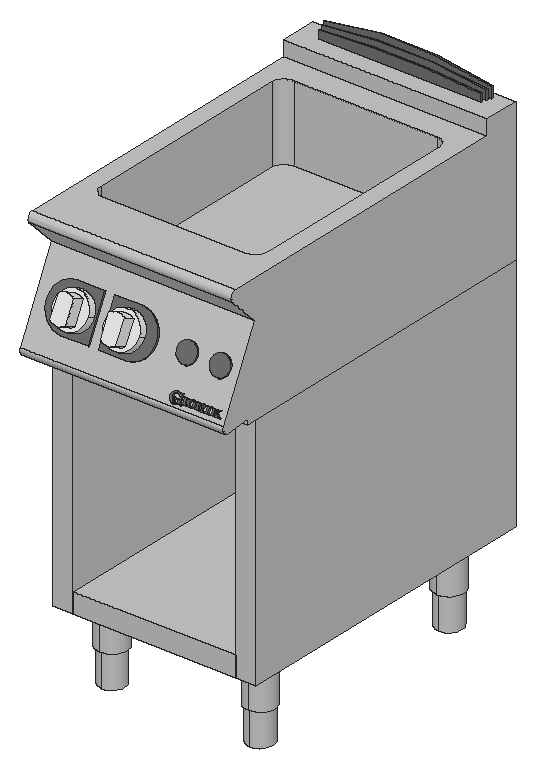
Revit family "QF_GIORIK_BM720E", category Specialty Equipment, Revit 2014
Parameters (values of type "BM720E")
  Weight in Pounds = 99.2079
  Watts = 1100 W
  Waste Water Discharge Temperature [instance] = 0 °C
  Volts = 230 V
  URL Cutsheet = "www.giorik.com"
  URL = "www.giorik.com"
  Status [instance] = ""
  Specification by User [instance] = ""
  Specification by Manufacturer = ""
  Show Logo [instance] = yes
  Show Clearance [instance] = yes
  Serial Number = ""
  Seismic Rating = ""
  SMACNA No = ""
  Revision Code [instance] = ""
  Plumbing Remarks [instance] = ""
  Plumbing Connection Type [instance] = ""
  Phase = 1
  Number of Poles [instance] = 1
  NAFEM Spec ID Number = ""
  Model = "BM720E"
  Min Ckt Ampacity = 0 A
  Max Overcurrent Protection = 0 A
  Masterspec = ""
  Manufacturer = "GIORIK"
  Item Number [instance] = ""
  Installed By [instance] = ""
  Indirect Waste Size = 1/2"
  Indirect Waste Flow = 0.0 L/s
  Indirect Waste Connection Type [instance] = ""
  Indirect Waste Connection Height [instance] = 150 mm
  Identify Quantity as Lot [instance] = no
  HP = "1.475122000000"
  Furnished By [instance] = ""
  Foodservice Equipment Identifier [instance] = yes
  FL Amps = 0 A
  Electrical Remarks [instance] = ""
  Electric Connection Type [instance] = ""
  Elec Conn RI Height [instance] = 0 mm
  Elec Conn Connection Height [instance] = 150 mm
  Description = "ELECTRIC BAIN-MARIE ON OPEN BASE UNIT"
  Cycle = 50 Hz
  Conn Plug = ""
  Conn Conduit [instance] = no
  Cold Water Temperature Recommended = 0 °C
  Cold Water Size = 3/4"
  Cold Water RI Height [instance] = 150 mm
  Cold Water Minimum Pressure = 20000.0 Pa
  Cold Water Maximum Pressure = 50000.0 Pa
  Cold Water Flow [instance] = 0.0 L/s
  Cold Water Consumption [instance] = ""
  Cold Water Connection Height [instance] = 150 mm
  CSI MasterFormat = ""
  Assembly Code = "E1090320"
  Apparent Power = 1100 VA
Reference planes
  plane 1 "Back": y = 0
  plane 2: z = 0
  plane 3 "Left": x = 0
  plane 4 "Right": x = 400
  plane 5 "Front": y = -720
  plane 6 "Top": z = 900
Forms (mm)
  Extrusion 1, solid, visible <- "Show Logo"
    sketch origin (196.604, -736.761, 609.486) x (-1, 0, 0) y (0, 0.452718, 0.891654)
      loop
        line (-118.824, 58.358) -> (-127.804, 58.358) -> (-125.523, 56.445) -> (-125.523, 48.027) -> (-127.804, 46.113) -> (-118.824, 46.113) -> (-121.105, 48.027) -> (-121.105, 56.445) -> (-118.824, 58.358)
      loop
        line (-163.721, 58.358) -> (-172.7, 58.358) -> (-170.42, 56.445) -> (-170.42, 48.027) -> (-172.7, 46.113) -> (-163.721, 46.113) -> (-166.001, 48.027) -> (-166.001, 56.445) -> (-163.721, 58.358)
      loop
        line (-174.332, 58.358) -> (-183.312, 58.358) -> (-181.031, 56.445) -> (-181.031, 52.435) -> (-186.419, 56.955) -> (-184.416, 58.358) -> (-191.268, 58.358) -> (-188.01, 56.839) -> (-185.455, 54.283) -> (-190.846, 47.858) -> (-193.396, 46.93) -> (-193.396, 46.113) -> (-184.416, 46.113) -> (-185.437, 47.571) -> (-182.443, 51.552) -> (-181.031, 50.894) -> (-181.031, 48.027) -> (-183.312, 46.113) -> (-174.332, 46.113) -> (-176.613, 48.027) -> (-176.613, 56.445) -> (-174.332, 58.358)
      loop
        line (-115.429, 62.063) -> (-115.429, 54.198)
        arc (-115.429, 54.198) -> (-111.618, 57.803) -> (-106.847, 59.986) r 16.039
        arc (-106.847, 59.986) -> (-103.314, 59.837) -> (-100.512, 57.68) r 5.851
        arc (-100.512, 57.68) -> (-98.815, 52.267) -> (-100.512, 46.853) r 9.479
        arc (-100.512, 46.853) -> (-102.406, 44.986) -> (-104.846, 43.93) r 7.236
        arc (-104.846, 43.93) -> (-107.728, 44.111) -> (-110.052, 45.825) r 5.11
        line (-110.052, 45.825) -> (-110.052, 52.001) -> (-116.141, 52.001) -> (-116.141, 45.503) -> (-117.893, 43.751) -> (-114.094, 44.769)
        arc (-114.094, 44.769) -> (-112.56, 44.947) -> (-111.129, 44.366) r 3.115
        arc (-111.129, 44.366) -> (-104.216, 42.091) -> (-97.303, 44.366) r 11.641
        arc (-97.303, 44.366) -> (-93.396, 52.107) -> (-97.303, 59.849) r 9.622
        arc (-97.303, 59.849) -> (-104.369, 62.174) -> (-111.435, 59.849) r 11.898
        line (-111.435, 59.849) -> (-115.429, 62.063)
      loop
        arc (-129.234, 56.068) -> (-135.893, 58.628) -> (-142.552, 56.068) r 9.941
        arc (-142.552, 56.068) -> (-144.234, 52.286) -> (-142.552, 48.505) r 5.093
        arc (-142.552, 48.505) -> (-135.893, 45.945) -> (-129.234, 48.505) r 9.941
        arc (-129.234, 48.505) -> (-127.552, 52.286) -> (-129.234, 56.068) r 5.093
      loop
        arc (-132.628, 54.403) -> (-135.893, 57.668) -> (-139.158, 54.403) r 3.265
        line (-139.158, 54.403) -> (-139.158, 50.169)
        arc (-139.158, 50.169) -> (-135.893, 46.904) -> (-132.628, 50.169) r 3.265
        line (-132.628, 50.169) -> (-132.628, 54.403)
      loop
        arc (-156.363, 58.365) -> (-159.647, 55.081) -> (-156.363, 51.796) r 3.285
        line (-156.363, 51.796) -> (-159.529, 47.306) -> (-162.087, 46.113) -> (-155.847, 46.113) -> (-153.529, 51.083) -> (-150.637, 51.083) -> (-150.637, 47.784) -> (-153.022, 46.113) -> (-144.011, 46.113) -> (-146.094, 47.68) -> (-146.094, 56.493) -> (-144.229, 58.365) -> (-156.363, 58.365)
      loop
        line (-150.637, 57.512) -> (-153.637, 57.512)
        arc (-153.637, 57.512) -> (-156.237, 54.912) -> (-153.637, 52.312) r 2.6
        line (-153.637, 52.312) -> (-150.637, 52.312) -> (-150.637, 57.512)
      loop
        line (-108.924, 52.001) -> (-104.936, 49.005) -> (-100.948, 52.001) -> (-108.924, 52.001)
    from 1.5 to -0.5
  Extrusion 2, solid
    sketch origin (-16, 1025.81, 0) x (1, 0, 0) y (0, 1, 0)
      loop
        line (25, -1086.81) -> (25, -1156.81) -> (115, -1156.81) -> (115, -1086.81) -> (25, -1086.81)
    from 148 to 150
  Extrusion 3, solid
    sketch origin (-4, 0, 130) x (1, 0, 0) y (0, 1, 0)
      loop
        circle (54, -385) r 12.5
    from 0 to 20
  Extrusion 4, solid
    sketch origin (0, 1000, -20) x (0, 1, 0) y (0, 0, 1)
      loop
        line (-1000, 919.988) -> (-1070, 919.988) -> (-1070, 889.988) -> (-1688.806, 889.988)
        arc (-1688.806, 889.988) -> (-1699.151, 883.075) -> (-1696.724, 870.873) r 11.197
        line (-1696.724, 870.873) -> (-1640.876, 815.025) -> (-1718.948, 661.258)
        arc (-1718.948, 661.258) -> (-1718.233, 650.105) -> (-1708.118, 645.354) r 10.981
        line (-1708.118, 645.354) -> (-1660, 649.925) -> (-1660, 640) -> (-1000, 640) -> (-1000, 919.988)
    from 0 to 400
  Extrusion 5, solid
    sketch origin (0, 0, 599.536) x (1, 0, 0) y (0, 1, 0)
      loop
        line (0, -640) -> (40, -640) -> (40, -40) -> (360, -40) -> (360, -640) -> (400, -640) -> (400, 0) -> (0, 0) -> (0, -640)
    from -449.536 to 20.464
  Extrusion 6, solid
    sketch origin (0, 0, 0) x (1, 0, 0) y (0, 1, 0)
      loop
        line (40, -40) -> (40, -640) -> (360, -640) -> (360, -40) -> (40, -40)
    from 150 to 190
  Extrusion 7, solid
    sketch origin (-16, 560.81, 0) x (1, 0, 0) y (0, 1, 0)
      loop
        line (25, -1086.81) -> (25, -1156.81) -> (115, -1156.81) -> (115, -1086.81) -> (25, -1086.81)
    from 148 to 150
  Revolve 8, solid
    sketch origin (54, 560.81, 0) x (0, 1, 0) y (0, 0, 1)
      loop
        line (-1092.56, 66) -> (-1092.56, 148) -> (-1121.81, 148) -> (-1121.81, 0) -> (-1096.81, 0) -> (-1096.81, 66) -> (-1092.56, 66)
      axis (-1121.81, 0) -> (-1121.81, 148)
    angle from 0 to 360
  Revolve 9, solid
    sketch origin (54, 1025.81, 0) x (0, 1, 0) y (0, 0, 1)
      loop
        line (-1092.56, 66) -> (-1092.56, 148) -> (-1121.81, 148) -> (-1121.81, 0) -> (-1096.81, 0) -> (-1096.81, 66) -> (-1092.56, 66)
      axis (-1121.81, 0) -> (-1121.81, 148)
    angle from 0 to 360
  Extrusion 10, solid
    sketch origin (416, 560.81, 0) x (-1, 0, 0) y (0, -1, 0)
      loop
        line (25, 1086.81) -> (115, 1086.81) -> (115, 1156.81) -> (25, 1156.81) -> (25, 1086.81)
    from 148 to 150
  Revolve 11, solid
    sketch origin (346, 560.81, 0) x (0, 1, 0) y (0, 0, -1)
      loop
        line (-1092.56, -66) -> (-1096.81, -66) -> (-1096.81, 0) -> (-1121.81, 0) -> (-1121.81, -148) -> (-1092.56, -148) -> (-1092.56, -66)
      axis (-1121.81, 0) -> (-1121.81, -148)
    angle from 0 to 360
  Extrusion 12, solid
    sketch origin (416, -1217.81, 0) x (-1, 0, 0) y (0, -1, 0)
      loop
        line (25, -1086.81) -> (25, -1156.81) -> (115, -1156.81) -> (115, -1086.81) -> (25, -1086.81)
    from 148 to 150
  Revolve 13, solid
    sketch origin (346, -1217.81, 0) x (0, -1, 0) y (0, 0, 1)
      loop
        line (-1092.56, 66) -> (-1092.56, 148) -> (-1121.81, 148) -> (-1121.81, 0) -> (-1096.81, 0) -> (-1096.81, 66) -> (-1092.56, 66)
      axis (-1121.81, 0) -> (-1121.81, 148)
    angle from 0 to 360
  Extrusion 14, solid
    sketch origin (-343.221, -963.345, 52.363) x (1, 0, 0) y (0, 0.452718, 0.891654)
      loop
        line (463.221, 676.25) -> (463.221, 766.25) -> (409.698, 766.25)
        arc (409.698, 766.25) -> (364.698, 721.25) -> (409.698, 676.25) r 45
        line (409.698, 676.25) -> (463.221, 676.25)
    from 48 to 50
  Extrusion 15, solid
    sketch origin (431.331, -1008.697, 74.959) x (-1, 0, 0) y (0, -0.45351, -0.891251)
      loop
        circle (351.331, -721.346) r 35
    from 0 to 15
  Extrusion 16, solid
    sketch origin (431.331, -1008.697, 74.959) x (-1, 0, 0) y (0, -0.45351, -0.891251)
      loop
        arc (336.331, -743.846) -> (351.331, -748.846) -> (366.331, -743.846) r 25
        line (366.331, -743.846) -> (366.331, -698.846)
        arc (366.331, -698.846) -> (351.331, -693.846) -> (336.331, -698.846) r 25
        line (336.331, -698.846) -> (336.331, -743.846)
    from 15 to 40
  Extrusion 17, solid
    sketch origin (-94, 0, -10.001) x (1, 0, 0) y (0, 0, 1)
      loop
        line (135, 909.989) -> (453, 909.989) -> (453, 925.527) -> (347.056, 931.749) -> (240.944, 931.749) -> (135, 925.527) -> (135, 909.989)
    from 32 to 35
  Extrusion 18, solid
    sketch origin (-92, 10, -10.001) x (1, 0, 0) y (0, 0, 1)
      loop
        line (454, 909.989) -> (454, 928.527) -> (346.162, 939.193) -> (237.838, 939.193) -> (130, 928.527) -> (130, 909.989) -> (454, 909.989)
    from 32 to 35
  Extrusion 19, solid
    sketch origin (-90, 20, -10.001) x (1, 0, 0) y (0, 0, 1)
      loop
        line (455, 909.989) -> (455, 930.527) -> (345.396, 947.413) -> (234.604, 947.413) -> (125, 930.527) -> (125, 909.989) -> (455, 909.989)
    from 32 to 35
  Extrusion 20, void
    sketch origin (0, 0, 819.988) x (0, 1, 0) y (-1, 0, 0)
      loop
        arc (-120, -60) -> (-127.322, -42.322) -> (-145, -35) r 25
        line (-145, -35) -> (-565.002, -35)
        arc (-565.002, -35) -> (-582.68, -42.322) -> (-590.002, -60) r 25
        line (-590.002, -60) -> (-590.002, -340)
        arc (-590.002, -340) -> (-582.68, -357.678) -> (-565.002, -365) r 25
        line (-565.002, -365) -> (-145, -365)
        arc (-145, -365) -> (-127.322, -357.678) -> (-120, -340) r 25
        line (-120, -340) -> (-120, -60)
    from -100 to 50
  Extrusion 21, solid
    sketch origin (20, 25, 719.988) x (0, 1, 0) y (-1, 0, 0)
      loop
        circle (-565.918, -311.344) r 20
    from 0 to 2
  Extrusion 22, solid
    sketch origin (603.221, -963.345, 52.363) x (-1, 0, 0) y (0, -0.452718, -0.891654)
      loop
        line (463.221, -676.25) -> (409.698, -676.25)
        arc (409.698, -676.25) -> (364.698, -721.25) -> (409.698, -766.25) r 45
        line (409.698, -766.25) -> (463.221, -766.25) -> (463.221, -676.25)
    from 48 to 50
  Extrusion 23, solid
    sketch origin (-171.331, -1008.697, 74.959) x (1, 0, 0) y (0, 0.45351, 0.891251)
      loop
        circle (351.331, 721.346) r 35
    from 0 to 15
  Extrusion 24, solid
    sketch origin (-171.331, -1008.697, 74.959) x (1, 0, 0) y (0, 0.45351, 0.891251)
      loop
        line (336.331, 743.846) -> (336.331, 698.846)
        arc (336.331, 698.846) -> (351.331, 693.846) -> (366.331, 698.846) r 25
        line (366.331, 698.846) -> (366.331, 743.846)
        arc (366.331, 743.846) -> (351.331, 748.846) -> (336.331, 743.846) r 25
    from 15 to 40
  Extrusion 25, solid
    sketch origin (51.156, -936.65, 215.385) x (0, -0.452718, -0.891654) y (-1, 0, 0)
      loop
        circle (-565.918, -311.344) r 20
    from 0 to 2
  Extrusion 26, solid
    sketch origin (-14.189, -936.65, 215.385) x (0, -0.452718, -0.891654) y (-1, 0, 0)
      loop
        circle (-565.918, -311.344) r 20
    from 0 to 2
  Extrusion 27, solid
    sketch origin (0, 0, 100) x (0, 1, 0) y (-1, 0, 0)
      loop
        circle (-54, -313) r 9.3
    from 30 to 50
  Extrusion 28, solid
    sketch origin (0, 0, 100) x (0, 1, 0) y (-1, 0, 0)
      loop
        circle (-129, -162) r 6.5
    from 30 to 50
Cuts and joins
  Extrusion 20 cuts Extrusion 4
Lines and regions (mm)
  symbolic lines, style "200-EquipBorder-2D"
    curve 1: line (0, -720, 0) -> (400, -720, 0)
    curve 2: line (400, -720, 0) -> (400, 0, 0)
    curve 3: line (400, 0, 0) -> (0, 0, 0)
    curve 4: line (0, 0, 0) -> (0, -720, 0)
  symbolic lines, style "200-EquipInternal-2D"
    curve 5: line (0, -70, 900) -> (400, -70, 900)
    curve 6: line (35, -12, 900) -> (365, -12, 900)
    curve 7: line (365, -12, 900) -> (365, -15, 900)
    curve 8: line (365, -15, 900) -> (35, -15, 900)
    curve 9: line (35, -15, 900) -> (35, -12, 900)
    curve 10: line (38, -22, 900) -> (362, -22, 900)
    curve 11: line (362, -22, 900) -> (362, -25, 900)
    curve 12: line (362, -25, 900) -> (38, -25, 900)
    curve 13: line (38, -25, 900) -> (38, -22, 900)
    curve 14: line (41, -32, 900) -> (359, -32, 900)
    curve 15: line (359, -32, 900) -> (359, -35, 900)
    curve 16: line (359, -35, 900) -> (41, -35, 900)
    curve 17: line (41, -35, 900) -> (41, -32, 900)
    curve 18: line (340, -120, 900) -> (60, -120, 900)
    curve 19: arc (60, -120, 900) -> (42.322, -127.322, 900) -> (35, -145, 900) r 25
    curve 20: line (35, -145, 900) -> (35, -565, 900)
    curve 21: arc (365, -145, 900) -> (357.678, -127.322, 900) -> (340, -120, 900) r 25
    curve 22: line (365, -565, 900) -> (365, -145, 900)
    curve 23: arc (340, -590, 900) -> (357.678, -582.678, 900) -> (365, -565, 900) r 25
    curve 24: line (60, -590, 900) -> (340, -590, 900)
    curve 25: arc (35, -565, 900) -> (42.322, -582.678, 900) -> (60, -590, 900) r 25
    curve 26: circle (331.344, -540.918, 900) r 20 normal (0, 0, 1)
Dimensions and locks
  plane 3 "Left" to plane 4 "Right" = 400 mm
  plane 5 "Front" to plane 1 "Back" = 720 mm
  plane 4 "Right" to plane 3 "Left" = 400 mm
  plane 1 "Back" to plane 5 "Front" = 720 mm
  plane 6 "Top" to level = 900 mm  (x2)
  aligned and locked: level to plane 2
Connectors
  electrical at (50, -385, 130), driven by "Apparent Power", driven by "Volts", driven by "Number of Poles"
    settings: on Extrusion 3, index 1, voltage 230 V, apparent load 0 VA, apparent load phase1 1100 VA, apparent load phase2 0 VA, apparent load phase3 0 VA, power factor 1, load classification "Other", number of poles 1, system type 31, power factor state 1, is connector primary yes, connector utility no, sub classification motor no, connector description "Electrical connection"
  piping at (313, -54, 130), diameter 19.05, driven by "Cold Water Size", driven by "Cold Water Flow"
    settings: on Extrusion 27, index 2, connector inside diameter 24", connector length 0 mm, flow factor 0, pipe flow 0.0 L/s, pressure drop 0.0 Pa, fitting loss kfactor 0, connector angle 0.00°, fixture units 0, engagement length 0 mm, angle of deflection 0.00°, flow configuration 1, flow direction 1, fitting loss method 0, system type 20, joint type 0, gender type 0, connector reference index -1, connector utility 0, adjustable connector no, is connector primary yes, connector description "Water inlet"
  piping at (162, -129, 130), diameter 12.7, driven by "Indirect Waste Size", driven by "Indirect Waste Flow"
    settings: on Extrusion 28, index 3, connector inside diameter 24", connector length 0 mm, flow factor 0, pipe flow 0.0 L/s, pressure drop 0.0 Pa, fitting loss kfactor 0, connector angle 0.00°, fixture units 0, engagement length 0 mm, angle of deflection 0.00°, flow configuration 1, flow direction 2, fitting loss method 0, system type 16, joint type 0, gender type 0, connector reference index -1, connector utility 0, adjustable connector no, is connector primary no, connector description "Drain connection"
